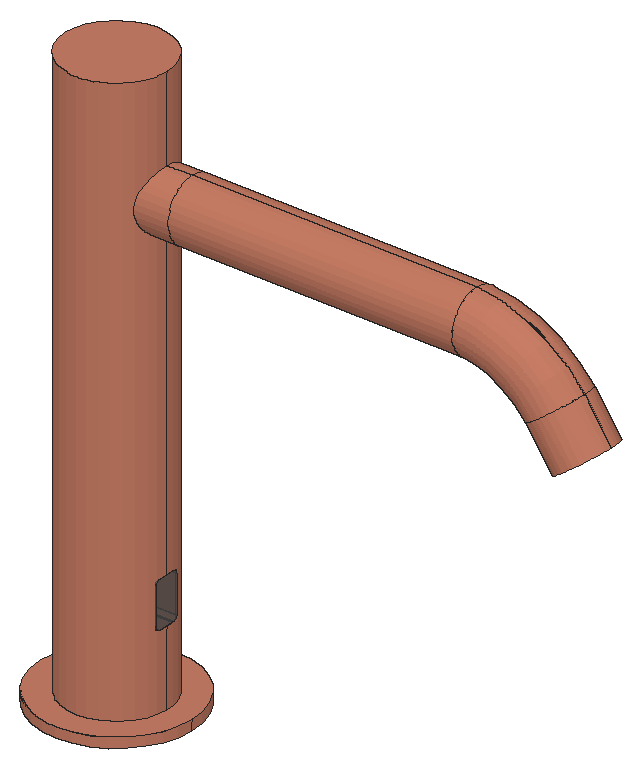
Revit family "TSL.960", category Generic Models, host Face, Revit 2018
Family settings
  Host = Face
  Can host rebar = No
  Round Connector Dimension = Use Diameter
  Part Type = Normal
  OmniClass Number = 23.45.55.14
  OmniClass Title = Single Faucets
  Cut with Voids When Loaded = No
  Shared = No
  Room Calculation Point = No
Parameters (values of type "TSL-947_copper")
  material test = none
  finish = Brushed copper finish
  _distributed by = ""
  _current revision = 1
  _created by = CreatedBy  # "www.thesplashlab.com"
  _authorized by = ""
  _BIMspec_GUID = 0
  Waste Connection = no
  WarrantyStartDate [instance] = ""
  WarrantyGuarantorParts = "email: technical@thesplashlab.com"  # constant formula
  WarrantyGuarantorLabor = ""
  WarrantyDurationUnit = "months"
  WarrantyDurationParts = "12"
  WarrantyDescription = "2 years from date of purchase"  # constant formula
  Version = ""
  Vent Connection = no
  Uniclass2 = "Pr_40_30_78_16"  # constant formula
  URL = "www.thesplashlab.com"
  TypeName = "TSL-960"
  Type Comments = "The Tap is made from AISI 304 type stainless steel in a brushed satin finish\r\n"  # constant formula
  TagNumber = ""
  Size = ""
  Shape = ""
  SerialNumber [instance] = ""
  ReplacementCost = ""
  ReferencedStandard = ""
  ProductionYear = ""
  Product Specification Link = "www.thesplashlab.com"
  Product Page Link = "www.thesplashlab.com"
  Product O&M Link = "www.thesplashlab.com"
  Product Documentation Link = "www.thesplashlab.com"
  NBSTypeID = ""
  NBSReference = Uniclass2  # "Pr_40_30_78_16"
  NBSObjectName = "Washroom_Accessories-TSL-960_Tap-THESPLASHLAB-Deck_Mounted"  # constant formula
  NBSNote = ""
  NBS Specfication = ""
  Mtrl_distributed by = ""
  Mtrl_current revision = 0
  Mtrl_created by = ""
  Mtrl_bimspec_guid = 0
  Mtrl_authorized by = ""
  Mtrl_WarrantyStartDate = ""
  Mtrl_WarrantyGuarantorParts = ""
  Mtrl_WarrantyGuarantorLabor = ""
  Mtrl_WarrantyDurationUnit = ""
  Mtrl_WarrantyDurationParts = 0
  Mtrl_WarrantyDurationLabor = 0
  Mtrl_WarrantyDescription = ""
  Mtrl_Uniclass2 = ""
  Mtrl_TypeName = ""
  Mtrl_TagNumber = 0
  Mtrl_SpareParts = ""
  Mtrl_Size = ""
  Mtrl_Shape = ""
  Mtrl_SerialNumber = 0
  Mtrl_ReplacementCost = 0
  Mtrl_ReferencedStandard = ""
  Mtrl_ProductionYear = ""
  Mtrl_ModelNumber = ""
  Mtrl_Material = "stainless steel"  # constant formula
  Mtrl_Manufacturer = ""
  Mtrl_InstallationDate = ""
  Mtrl_Grade = "316AISI"  # constant formula
  Mtrl_Finish = ""
  Mtrl_Features = ""
  Mtrl_ExpectedLife = 0
  Mtrl_Exidentifier = ""
  Mtrl_DurationUnit = ""
  Mtrl_DocumentationTechnical = ""
  Mtrl_DocumentationMaintenance = ""
  Mtrl_DocumentationLiterature = ""
  Mtrl_DocumentationInstallationGuide = ""
  Mtrl_DocumentationCertificates = ""
  Mtrl_CreatedOn = ""
  Mtrl_CreatedBy = ""
  Mtrl_Constituents = ""
  Mtrl_Color = Color  # ""
  Mtrl_CodePerformance = ""
  Mtrl_ClassificationValue = ""
  Mtrl_ClassificationName = ""
  Mtrl_BarCode = ""
  Mtrl_AssetType = ""
  Mtrl_AssetIdentifier = ""
  Mtrl_AccessibilityPerformance = ""
  ModelNumber = ""
  Model = TypeName  # "TSL-960"
  Material = Finish  # "Brushed copper finish"
  Manufacturer Tel = ""
  Manufacturer Fax = ""
  Manufacturer Address = ""
  Manufacturer = "TheSplashLab"  # constant formula
  Keynote = "N13"
  InstallationDate [instance] = ""
  Grade = Mtrl_Grade  # "316AISI"
  Finish = "Brushed copper finish"
  Features = ""
  Extidentifier = ""
  ExpectedLife = 2
  DurationUnit = "Years"
  DocumentationTechnical = "www.thesplashlab.com"
  DocumentationMaintenance = "www.thesplashlab.com"
  DocumentationLiterature = "www.thesplashlab.com"
  DocumentationInstallationGuide = "www.thesplashlab.com"
  DocumentationCertificates = ""
  Description = ""
  Default Elevation = 0.0 mm
  CreatedOn = "'November 2019'"
  CreatedBy = "www.thesplashlab.com"
  Constituents = ""
  Color = ""
  CodePerformance = ""
  ClassificationValue = ""
  ClassificationName = ""
  BarCode [instance] = ""
  AssetType = "fixed"
  AssetIdentifier [instance] = ""
  Assembly Code = "E2010"
  AccessibilityPerformance = ""
Types (5, lengths in mm): name | finish | TypeName | Model | Material | Finish | CreatedOn | Assembly Code
  TSL-947_steel | Brushed stainless steel finish | "TSL-410" | "TSL-410" | "Brushed stainless steel finish" | "Brushed stainless steel finish" | "'october 2016'" | 0.0
  TSL-947_copper | Brushed copper finish | "TSL-960" | "TSL-960" | "Brushed copper finish" | "Brushed copper finish" | "'November 2019'" | "E2010"
  TSL-947_black | Brushed black finish | "TSL-947BK" | "TSL-947BK" | "Brushed black finish" | "Brushed black finish" | "'october 2016'" | "E2010"
  TSL-947_bronze | Brushed bronze finish | "TSL-947BZ" | "TSL-947BZ" | "Brushed bronze finish" | "Brushed bronze finish" | "'october 2016'" | "E2010"
  TSL-947_brass | Brushed brass finish | "TSL-947BR" | "TSL-947BR" | "Brushed brass finish" | "Brushed brass finish" | "'october 2016'" | "E2010"
Reference planes
  plane 1 "Center (Front/Back)": y = 0
  plane 2: z = 0
  plane 3 "Center (Left/Right)": x = 0
Forms (mm)
  Extrusion 1, solid, material "Brushed copper finish" <- "finish"
    sketch origin (0, 0, -0.255) x (1, 0, 0) y (0, 1, 0)
      loop
        circle (0, 0) r 22.5
    from 0 to 3
  Sweep 2, solid, material "Brushed copper finish" <- "finish"
    path origin (0, 10, 138.744) x (1, 0, 0) y (0, 0.000019, -1)
      loop
        line (0, 0) -> (22.5, 0) -> (106.963, 0)
        arc (106.963, 0) -> (120.945, 4.14) -> (131.865, 13.803) r 33.672
        line (131.865, 13.803) -> (140, 25)
    profile origin (11.25, 10, 138.744) x (0, 0.000019, -1) y (0, 1, 0.000019)
      loop
        circle (0, -10) r 9
  Extrusion 3, solid, material "Brushed copper finish" <- "finish"
    sketch origin (0, 0, 22.745) x (1, 0, 0) y (0, 1, 0)
      loop
        circle (0, 0) r 15
    from -20 to 150
  Extrusion 4, void
    sketch origin (0, 0, -0.255) x (0, 1, 0) y (0, 0, 1)
      loop
        line (0, 39) -> (-2.586, 39)
        arc (-2.586, 39) -> (-3.586, 38.586) -> (-4, 37.586) r 1.414
        line (-4, 37.586) -> (-4, 26.414)
        arc (-4, 26.414) -> (-3.586, 25.414) -> (-2.586, 25) r 1.414
        line (-2.586, 25) -> (2.586, 25)
        arc (2.586, 25) -> (3.586, 25.414) -> (4, 26.414) r 1.414
        line (4, 26.414) -> (4, 37.586)
        arc (4, 37.586) -> (3.586, 38.586) -> (2.586, 39) r 1.414
        line (2.586, 39) -> (0, 39)
    from 0 to 78
  Extrusion 5, solid, material "Glass-Lovair-Solid_Black"
    sketch origin (0, 0, -0.255) x (0, 1, 0) y (0, 0, 1)
      loop
        line (3.802, 26.414) -> (3.802, 37.586)
        arc (3.802, 37.586) -> (3.446, 38.444) -> (2.588, 38.8) r 1.214
        line (2.588, 38.8) -> (-2.586, 38.8)
        arc (-2.586, 38.8) -> (-3.444, 38.444) -> (-3.8, 37.586) r 1.214
        line (-3.8, 37.586) -> (-3.8, 26.414)
        arc (-3.8, 26.414) -> (-3.444, 25.556) -> (-2.586, 25.2) r 1.214
        line (-2.586, 25.2) -> (2.588, 25.2)
        arc (2.588, 25.2) -> (3.446, 25.556) -> (3.802, 26.414) r 1.214
    from 0 to 15
Cuts and joins
  Extrusion 4 cuts Extrusion 3
  joined: Sweep 2, Extrusion 3
Lines and regions (mm)
  model lines
    curve 1: line (0, -9.001, 138.745) -> (0, 9, 138.745)
Dimensions and locks
  aligned and locked: plane 2 to host face
  aligned and locked: level to host face
  aligned and locked: Extrusion 4 to plane 3 "Center (Left/Right)"
